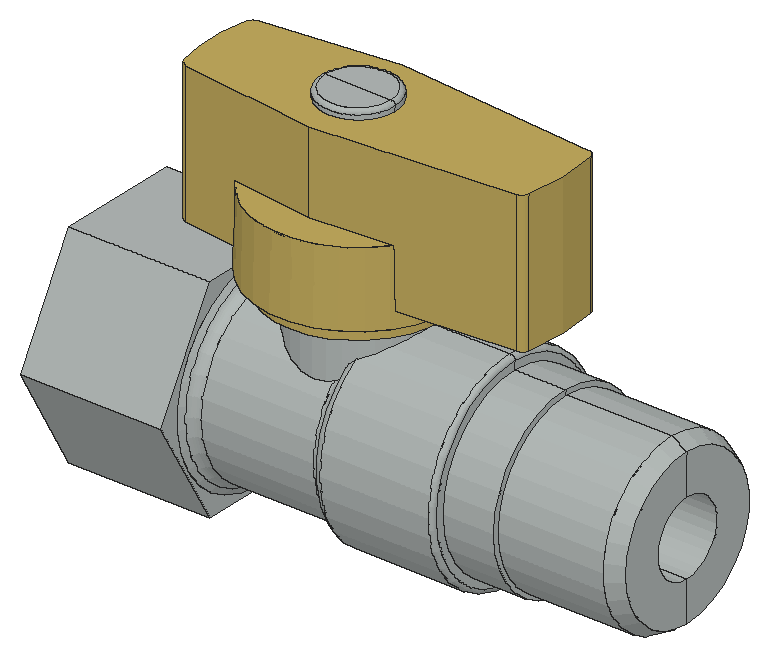
Revit family "QP21510000", category Apparecchi idraulici, Revit 2020
Family settings
  Quota connettore circolare = Usa diametro
  Tipo di parte = Normale
  Numero OmniClass = 23.45.00.00
  Titolo OmniClass = Sanitary, Laundry, and Cleaning Equipment
  Basato su piano di lavoro = No
  Sempre verticale = Sì
  Taglio con vuoti quando caricato = No
  Condiviso = No
  Punto di calcolo locali = No
Parameters
  URL = "https://web.cimberio.com/index.php/figura/137?subcategoria_id="
  Temperatura di esercizio = "-20 ÷ 60°C"
  Prospetto di default = 0 mm
  Produttore = "CIMBERIO SPA"
  Pressione nominale = "MOP 5"
  Modello = "Cim 173"
  Materiale = "Prodotto in lega di ottone conforme alla norma EN 12165-CW617N-DW"
  Descrizione = "Utilizzato nell’impiantistica distributiva di gas a bassa pressione per le categorie:\r\nGas naturali: gas derivati dal petrolio (Metano) e gas di ricambio.\r\nGas di città: prodotti secondo i diversi procedimenti (Cracking - Cokerie - ecc.).\r\nGas liquidi: propano e miscele di gas propano/butano."
  DN Model [instance] = QP21512102 : QP21512102
  DN [instance] = 15 mm
  Commenti sul tipo = "Realizzato in ottemperanza ai requisiti gestionali della norma EN ISO 9001.\r\nCollaudato al 100% secondo la normativa EN 12266-1"
Reference planes
  plane 1 "Centro (Fronte/Retro)": y = 0
  plane 2: z = 0
  plane 3 "Centro (Sinistra/Destra)": x = 0
Dimensions and locks
  aligned and locked: level to plane 2
Nested families
  nested 1: "QP21512102" at (0, 0, 0), type <- "DN Model", type "QP21512102"
  nested 2: "QP21512102" at (0, 0, 0), type <- "DN Model", type "QP21512102"
  nested 3: "QP21512102" at (0, 0, 0), type <- "DN Model", type "QP21512102"
  nested 4: "QP21512102" at (0, 0, 0), type <- "DN Model", type "QP21512102"
Connectors
  piping at (40.067, 0, 0), diameter 15, driven by "DN"
    settings: on nested 1, index 1, connector inside diameter 609.6 mm, connector length 0 mm, flow factor 0, pipe flow 0.0 L/s, pressure drop 0.0 Pa, fitting loss kfactor 0, connector angle 0.00°, fixture units 0, engagement length 0 mm, angle of deflection 0.00°, flow configuration 0, flow direction 0, fitting loss method 0, system type 7, joint type 0, gender type 0, connector reference index -1, connector utility 0, adjustable connector no, is connector primary yes, connector description ""
  piping at (-29.233, 0, 0), diameter 15, driven by "DN"
    settings: on nested 1, index 2, connector inside diameter 609.6 mm, connector length 0 mm, flow factor 0, pipe flow 0.0 L/s, pressure drop 0.0 Pa, fitting loss kfactor 0, connector angle 0.00°, fixture units 0, engagement length 0 mm, angle of deflection 0.00°, flow configuration 0, flow direction 0, fitting loss method 0, system type 7, joint type 0, gender type 0, connector reference index -1, connector utility 0, adjustable connector no, is connector primary no, connector description ""
Definition of nested family "QP21512102"
  Parameters (values of type "QP21512102")
    URL = ""
    Default Elevation = 0 mm
    Manufacturer = ""
    Model = ""
    Description = ""
    Type Comments = ""
  Reference planes
    plane 1 "Centro (Fronte/Retro)": y = 0
    plane 2: z = 0
    plane 3 "Centro (Sinistra/Destra)": x = 0
  Forms (mm)
    Revolve 1, solid
      sketch origin (0.744, 0, 1.406) x (1, 0, 0) y (0, 0, 1)
        loop
          line (11.146, 13.716) -> (10.988, 22.789) -> (-0.448, 22.789) -> (-0.448, 11.85) -> (9.552, 11.85) -> (9.552, 12.795) -> (11.146, 13.716)
        axis (-0.754, 11.85) -> (-0.754, 22.789)
      angle from 0 to 360
    Revolve 2, solid
      sketch origin (0.751, 0, 1.446) x (1, 0, 0) y (0, 0, 1)
        loop
          arc (3.746, 33.15) -> (3.6, 33.504) -> (3.246, 33.65) r 0.5
          line (3.246, 33.65) -> (-0.754, 33.65) -> (-0.754, 31.443) -> (3.746, 31.443) -> (3.746, 33.15)
        axis (-0.754, 33.65) -> (-0.754, 31.443)
      angle from 0 to 360
    Extrusion 3, solid
      sketch origin (1.758, 0, 1.45) x (1, 0, 0) y (0, 1, 0)
        loop
          arc (-19.114, 4.772) -> (-19.758, -0.042) -> (-19.091, -4.852) r 18
          arc (-19.091, -4.852) -> (-18.778, -5.343) -> (-18.244, -5.576) r 1
          line (-18.244, -5.576) -> (-1.755, -7.5) -> (21.908, -5.5)
          arc (21.908, -5.5) -> (22.493, -5.247) -> (22.806, -4.691) r 1
          arc (22.806, -4.691) -> (23.25, 0) -> (22.806, 4.691) r 25
          arc (22.806, 4.691) -> (22.489, 5.25) -> (21.897, 5.501) r 1
          line (21.897, 5.501) -> (-2.38, 7.425) -> (-18.27, 5.5)
          arc (-18.27, 5.5) -> (-18.802, 5.265) -> (-19.114, 4.772) r 1
      from 15.62 to 32.65
    Revolve 4, solid
      sketch origin (1.758, 0, 0) x (1, 0, 0) y (0, 0, 1)
        loop
          line (-0.754, 4.83) -> (7.416, 4.83) -> (7.416, 16.081) -> (-0.754, 16.081) -> (-0.754, 4.83)
        axis (-0.754, 16.081) -> (-0.754, 4.83)
      angle from 0 to 360
    Revolve 5, solid
      sketch origin (0, 0, 0) x (1, 0, 0) y (0, 0, 1)
        loop
          arc (18.485, -12.494) -> (18.896, -12.324) -> (19.067, -11.912) r 0.582
          line (19.067, -11.912) -> (19.067, -11) -> (25.323, -11) -> (25.323, -4.5) -> (-16.666, -4.5) -> (-16.666, -12.527) -> (-12.115, -12.527) -> (-11.666, -11.75)
          arc (-11.666, -11.75) -> (-11.117, -11.201) -> (-10.367, -10.994) r 1.5
          line (-10.367, -10.994) -> (3.324, -10.994)
          arc (3.324, -10.994) -> (3.824, -11.128) -> (4.19, -11.494) r 1
          arc (4.19, -11.494) -> (4.647, -12.133) -> (5.344, -12.494) r 1.682
          line (5.344, -12.494) -> (18.485, -12.494)
        axis (-16.666, 0) -> (25.323, 0)
      angle from 0 to 360
    Revolve 6, solid
      sketch origin (0, 0, 0) x (1, 0, 0) y (0, 0, 1)
        loop
          line (25.067, 10.45) -> (25.067, 4.5) -> (40.067, 4.5) -> (40.067, 9.353) -> (38.167, 10.45) -> (25.067, 10.45)
        axis (40.067, 0) -> (25.067, 0)
      angle from 0 to 360
    Extrusion 7, solid
      sketch origin (0, 0, 0) x (0, 1, 0) y (0, 0, 1)
        loop
          circle (0, 0) r 4.5
        loop
          line (-14.9, 0) -> (-7.45, -12.904) -> (7.45, -12.904) -> (14.9, 0) -> (7.45, 12.904) -> (-7.45, 12.904) -> (-14.9, 0)
      from -29.233 to -12.115
  Dimensions and locks
    aligned and locked: level to plane 2
